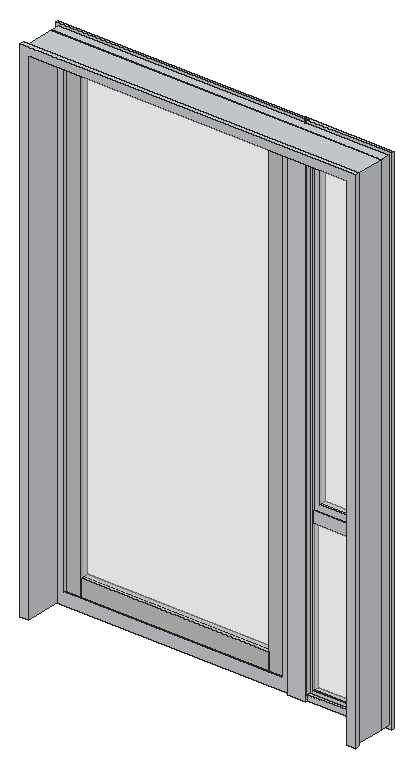
Revit family "APL Residential Thermal Heart Hinged Door with Sidelight", category Doors, host Wall, Revit 2017 (continued)
Definition of nested family "APL Residential Thermal Heart Hinged Door with Sidelight Vertical Section"
  Definition of nested family "Glazing Bead"
    Lines and regions (mm)
      detail lines, in view "Ref. Level", not visible
        curve 40: line (-1, -6.85, 0) -> (-1, -4.9, 0)
        curve 41: line (-1, -4.9, 0) -> (-0.25, -4.9, 0)
        curve 42: line (-0.25, -5.4, 0) -> (-0.25, -8.45, 0)
        curve 43: line (-0.25, -8.95, 0) -> (-0.25, -9.619, 0)
        curve 44: line (-0.25, -10.119, 0) -> (-0.25, -10.787, 0)
        curve 45: line (-0.25, -11.287, 0) -> (-0.25, -11.956, 0)
        curve 46: arc (-0.25, -11.956, 0) -> (0, -12.206, 0) -> (-0.25, -12.456, 0) r 0.25
        curve 47: arc (62.983, -3.041, 0) -> (62.673, -2.901, 0) -> (62.511, -3.2, 0) r 0.25
        curve 48: arc (62.537, -13.088, 0) -> (62.7, -13.387, 0) -> (63.01, -13.247, 0) r 0.25
        curve 49: line (62.511, -3.2, 0) -> (63.505, -7.068, 0)
        curve 50: line (63.505, -7.068, 0) -> (62.502, -7.647, 0)
        curve 51: line (62.502, -7.647, 0) -> (62.502, -8.647, 0)
        curve 52: line (62.502, -8.647, 0) -> (63.527, -9.239, 0)
        curve 53: line (63.527, -9.239, 0) -> (62.537, -13.088, 0)
        curve 54: line (63.01, -13.247, 0) -> (64.734, -9.147, 0)
        curve 55: line (64.734, -9.147, 0) -> (66.002, -9.147, 0)
        curve 56: line (66.002, -9.147, 0) -> (66.002, -10.397, 0)
        curve 57: line (66.002, -10.397, 0) -> (67.002, -10.397, 0)
        curve 58: line (67.002, -10.397, 0) -> (67.002, -5.897, 0)
        curve 59: line (67.002, -5.897, 0) -> (66.002, -5.897, 0)
        curve 60: line (66.002, -5.897, 0) -> (66.002, -7.147, 0)
        curve 61: line (66.002, -7.147, 0) -> (64.71, -7.147, 0)
        curve 62: line (64.71, -7.147, 0) -> (62.983, -3.041, 0)
    Dimensions and locks
      "Glass Lenght": plane 1 "Center (Front/Back)" to plane 4
      aligned and locked: plane 4 to curve 2
      aligned and locked: plane 1 "Center (Front/Back)" to Filled region 1 sketch curve
      aligned and locked: Filled region 1 sketch curve to curve 6
      aligned and locked: Filled region 1 sketch curve to curve 1
      aligned and locked: Filled region 1 sketch curve to curve 5
    Automatic sketch dimensions
      plane 1 "Center (Front/Back)" to curve 2 = 0 mm
      curve 2 to plane 3 "Center (Left/Right)" = 0 mm
      curve 6 to plane 4 = 0 mm
      curve 5 to plane 4 = 0 mm
      curve 4 to plane 4 = 0 mm
      curve 5 to curve 3 = 4 mm
      plane 3 "Center (Left/Right)" to curve 1 = 4 mm
      curve 6 to curve 5 = 16 mm
      plane 1 "Center (Front/Back)" to curve 1 = 12 mm
    Nested families
      nested 1: "65015_Bead" at (-15.5, 6.328, 0), type "65015_Bead", in view "Ref. Level"
    Definition of nested family "65015_Bead"
      Reference planes
        plane 1 "Center (Front/Back)": y = 0
        plane 2: z = 0
        plane 3 "Center (Left/Right)": x = 0
      Lines and regions (mm)
        model lines, in view "Ref. Level"
          curve 1: arc (13.5, 12.78, 0) -> (13.558, 12.92, 0) -> (13.698, 12.978, 0) r 0.198
          curve 2: arc (14.302, 12.978, 0) -> (14.442, 12.918, 0) -> (14.5, 12.777, 0) r 0.201
          curve 3: arc (14.5, 10.175, 0) -> (14.442, 10.036, 0) -> (14.302, 9.978, 0) r 0.198
          curve 4: arc (13.698, 9.978, 0) -> (13.558, 10.036, 0) -> (13.5, 10.175, 0) r 0.198
          curve 5: arc (13.5, 11.027, 0) -> (13.442, 11.169, 0) -> (13.3, 11.228, 0) r 0.2
          curve 6: arc (12.7, 11.228, 0) -> (11.851, 11.579, 0) -> (11.5, 12.428, 0) r 1.2
          curve 7: arc (11.5, 13.628, 0) -> (11.377, 13.813, 0) -> (11.159, 13.769, 0) r 0.2
          curve 8: arc (1.546, 4.157, 0) -> (1.438, 3.995, 0) -> (1.4, 3.804, 0) r 0.5
          curve 9: arc (1.4, 1.817, 0) -> (1.467, 1.567, 0) -> (1.65, 1.384, 0) r 0.5
          curve 10: arc (10.675, -3.827, 0) -> (10.913, -4.714, 0) -> (10.025, -4.952, 0) r 0.65
          curve 11: arc (3.306, -1.073, 0) -> (2.928, -1.023, 0) -> (2.624, -1.254, 0) r 0.5
          curve 12: arc (2.587, -2.129, 0) -> (2.248, -2.45, 0) -> (1.791, -2.352, 0) r 0.5
          curve 13: arc (1.518, -2.123, 0) -> (1.466, -2.054, 0) -> (1.447, -1.97, 0) r 0.2
          curve 14: arc (1.447, -1.115, 0) -> (1.476, -1.011, 0) -> (1.555, -0.938, 0) r 0.2
          curve 15: arc (1.555, -0.938, 0) -> (1.717, -0.809, 0) -> (1.82, -0.63, 0) r 0.55
          curve 16: arc (1.82, -0.63, 0) -> (1.825, -0.452, 0) -> (1.729, -0.302, 0) r 0.3
          curve 17: arc (0.2, 0, 0) -> (0.059, 0.059, 0) -> (0, 0.2, 0) r 0.2
          curve 18: arc (0, 4.383, 0) -> (0.038, 4.575, 0) -> (0.146, 4.737, 0) r 0.5
          curve 19: arc (14.159, 18.749, 0) -> (14.377, 18.792, 0) -> (14.5, 18.608, 0) r 0.2
          curve 20: arc (14.5, 15.172, 0) -> (14.442, 15.034, 0) -> (14.303, 14.978, 0) r 0.194
          curve 21: arc (13.698, 14.978, 0) -> (13.559, 15.038, 0) -> (13.5, 15.177, 0) r 0.203
          curve 22: arc (13.5, 15.528, 0) -> (13.441, 15.669, 0) -> (13.3, 15.728, 0) r 0.201
          curve 23: arc (12.7, 15.728, 0) -> (12.559, 15.669, 0) -> (12.5, 15.528, 0) r 0.2
          curve 24: arc (12.5, 12.428, 0) -> (12.559, 12.286, 0) -> (12.7, 12.228, 0) r 0.2
          curve 25: line (13.5, 12.428, 0) -> (13.5, 12.78, 0)
          curve 26: line (13.698, 12.978, 0) -> (14.302, 12.978, 0)
          curve 27: line (14.5, 12.777, 0) -> (14.5, 10.175, 0)
          curve 28: line (14.302, 9.978, 0) -> (13.698, 9.978, 0)
          curve 29: line (13.5, 10.175, 0) -> (13.5, 11.027, 0)
          curve 30: line (13.3, 11.228, 0) -> (12.7, 11.228, 0)
          curve 31: line (11.5, 12.428, 0) -> (11.5, 13.628, 0)
          curve 32: line (11.159, 13.769, 0) -> (1.546, 4.157, 0)
          curve 33: line (1.4, 3.804, 0) -> (1.4, 1.817, 0)
          curve 34: line (1.65, 1.384, 0) -> (10.675, -3.827, 0)
          curve 35: line (10.025, -4.952, 0) -> (3.306, -1.073, 0)
          curve 36: line (2.597, -1.355, 0) -> (2.597, -2.065, 0)
          curve 37: line (1.791, -2.352, 0) -> (1.518, -2.123, 0)
          curve 38: line (1.518, -2.123, 0) -> (1.447, -1.115, 0)
          curve 39: line (1.729, -0.302, 0) -> (1.425, -0.047, 0)
          curve 40: line (1.425, -0.047, 0) -> (0.2, 0, 0)
          curve 41: line (0, 0.2, 0) -> (0, 4.383, 0)
          curve 42: line (0.146, 4.737, 0) -> (14.159, 18.749, 0)
          curve 43: line (14.5, 18.608, 0) -> (14.5, 15.172, 0)
          curve 44: line (14.303, 14.978, 0) -> (13.698, 14.978, 0)
          curve 45: line (13.5, 15.177, 0) -> (13.5, 15.528, 0)
          curve 46: line (13.3, 15.728, 0) -> (12.7, 15.728, 0)
          curve 47: line (12.5, 15.528, 0) -> (12.5, 12.428, 0)
          curve 48: line (12.7, 12.228, 0) -> (13.3, 12.228, 0)
          curve 49: arc (13.3, 12.228, 0) -> (13.441, 12.286, 0) -> (13.5, 12.428, 0) r 0.2
      Text (mm)
        text "65015" at (32.01, 10.207, 0), in view "Ref. Level"
Types (2, lengths in mm): name | Rough Width | Rough Height | Reveal Liner | Panel | Frame Projection Ext. | Height | Width | Architrave | 90° Opening
  Architrave | 1615 | 2500 | no | 1099.5 | 13 | 2487.5 | 1600 | yes | no
  Liner | 1415 | 2213 | yes | 899.5 | 14.3 | 2200.5 | 1400 | no | yes
